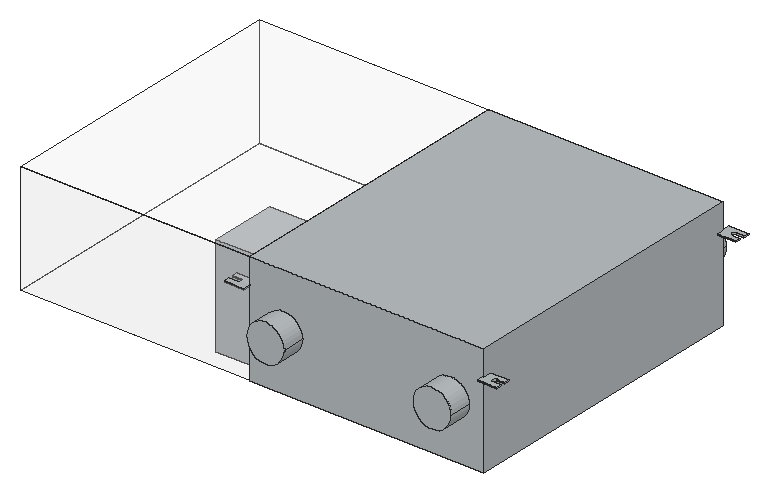
Revit family "lgh-n15_100rxw_rxv(d)_60Hz", category 機械設備, Revit 2019
Family settings
  丸型コネクタ寸法 = 直径を使用
  パーツ タイプ = 標準
  OmniClass 番号 = 23.75.10.34.21
  OmniClass タイトル = Heat Exchangers for Ventilation Air
  作業面ベース = いいえ
  常に垂直 = はい
  ロード時にボイドで切り取り = いいえ
  共有 = いいえ
  部屋計算ポイント = はい
Parameters (values of type "LGH-N15RXW_100V")
  騒音レベル(dB(A)) = 31
  風量 = SMAX風量  # 150.0 m³/h
  面風速 = 5.31 m/s
  電源種別 [instance] = "一般"
  電圧 = 100 V
  電動機出力 = 0 W
  集中コントローラ = ""
  運転質量 = 0.00 kg
  連動 [instance] = ""
  質量 = if(製品質量 > 運転質量, 製品質量, 運転質量) * 1.2  # 26.40 kg
  負荷分類 = 10_ファンコイル類
  説明 = "業務用ロスナイ 天井埋込形 DCマイコン"
  設計風量 = SMAX風量  # 150.0 m³/h
  設置方法 = "天井吊(隠ぺい)形"
  記号 [instance] = ""
  製造元 = "MITSIBISHI ELECTRIC"
  製品質量 = 22.00 kg
  製品出荷対象 = "国内"
  製品リリース年月 = "2020/7/20"
  製品グループ = ""
  系統 [instance] = ""
  符号 = "HEU"
  積算_科目 = "1 空気調和設備"
  積算_拾い区分 [instance] = ""
  相 = 1
  盤記号 [instance] = ""
  発停方法 [instance] = "別売スイッチ"
  特殊仕様 [instance] = ""
  点検口高さ = -Height  # -290 mm
  点検口離隔 = 150 mm
  点検口_Depth = 450 mm
  点検口 = yes
  火災停止 [instance] = "〇"
  温度交換効率 = 74.00%
  消費電力 = 85 W
  法定耐用年数 = "15"
  機外静圧_排気 = SMAX静圧  # 210.0 Pa
  機外静圧 = SMAX静圧  # 210.0 Pa
  極数 = 1
  材質 [instance] = ""
  本体マテリアル = 亜鉛めっき鋼板
  操作・制御方式 = ""
  操作・制御スイッチ = ""
  排気量 = SMAX風量  # 150.0 m³/h
  形式 = "天井埋込ダクト形"
  幹線記号 [instance] = ""
  対象室 [instance] = ""
  実風量 = SMAX風量  # 150.0 m³/h
  始動方式 [instance] = "直入"
  天吊金具_径 = 6.5 mm
  天吊金具_幅 = 20 mm
  外気量 = SMAX風量  # 150.0 m³/h
  呼称 = "全熱交換ユニット"
  周波数 = 60 Hz
  天吊金具ピッチ2 = 780 mm
  天吊金具ピッチ1 = 670 mm
  天吊金具_高さ = 65 mm
  参照している仕様書等のバージョン = "公共建築物標準仕様書（機械設備工事編）平成31年度版"
  初期抵抗 = 0.0 Pa
  分類コード = "50052504100070"
  分類グループ = ""
  価格 = 209000
  企業コード = "108420"
  付属品_フィルター_還気 = ""
  付属品_フィルター = ""
  付属品 [instance] = ""
  仕様書バージョン = "Version1.0"
  モデル = "LGH-N15RXW"
  メンテナンススペース = yes
  コメント [instance] = ""
  Keynote = ""
  エンタルピ交換効率_暖房 = 75.50%
  エンタルピ交換効率_冷房 = 64.50%
  Assembly Code = ""
  Width = 610 mm
  Version = ""
  Uniclass2015Version = "Systems v1.9"
  Uniclass2015Title = "Thermal wheels"
  Uniclass2015Code = "Pr_60_60_36_88"
  URL = "https://www.mitsubishielectric.co.jp/ldg/wink/ssl/displayProduct.do?pid=306592&ccd=2020171025"
  SpecificationReference = ""
  SpecificationDescription = ""
  SMAX風量 = 150.0 m³/h
  SMAX静圧 = 210.0 Pa
  SAサイズ_D = 97.5 mm
  Revision = ""
  RAサイズ_D = 97.5 mm
  ProductInformation = ""
  OmniClassCode = "23-27 23 19 11"
  OAダクト接続口方向_標準 = yes
  OAダクト接続口方向_変更 = not(OAダクト接続口方向_標準)  # no
  OAサイズ_W = 0 mm
  OAサイズ_D = 97.5 mm
  MIN風量 = 66.0 m³/h
  MIN静圧 = 35.0 Pa
  MID風量 = 108.0 m³/h
  MID静圧 = 93.0 Pa
  MAX風量 = 150.0 m³/h
  MAX静圧 = 180.0 Pa
  IfcTypeProduct = ""
  IfcProduct = ""
  IfcExportType = "ROTARYWHEEL"
  IfcExportAs = "IfcAirToAirHeatRecoveryType"
  Height = 290 mm
  EAダクト接続口方向_変更 = not(EAダクト接続口方向_標準)  # no
  EAダクト接続口方向_標準 = yes
  EAサイズ_W = 0 mm
  EAサイズ_D = 97.5 mm
  Duct_Pitch = 435 mm
  Duct_Height = 145 mm
  Duct_Depth = 59 mm
  DuctChange_Center = 118 mm
  Depth = 780 mm
  Clearance Top = Height  # 290 mm
  Clearance Left = 600 mm
  Box_Width = 175 mm
  Box_Height = 261 mm
  Box_H = 15 mm
  Box_Depth = 115 mm
  Box_W = 33 mm
  Author = "MITSUBISHI ELECTRIC"
Types (14, lengths in mm): name | 騒音レベル(dB(A)) | 風量 | 面風速 | 電圧 | 質量 | 設計風量 | 製品質量 | 点検口高さ | 温度交換効率 | 消費電力 | 機外静圧_排気 | 機外静圧 | 排気量 | 実風量 | 外気量 | 天吊金具ピッチ2 | 天吊金具ピッチ1 | 天吊金具_高さ | 価格 | モデル | エンタルピ交換効率_暖房 | エンタルピ交換効率_冷房 | Width | URL | SMAX風量 | SMAX静圧 | SAサイズ_D | RAサイズ_D | OAサイズ_D | MIN風量 | MIN静圧 | MID風量 | MID静圧 | MAX風量 | MAX静圧 | Height | EAサイズ_D | Duct_Pitch | Duct_Height | Duct_Depth | DuctChange_Center | Depth | Clearance Top | Box_H | Box_W
  LGH-N15RXW_100V | 31 | 150.0 m³/h | 5.31 m/s | 100 V | 26.40 kg | 150.0 m³/h | 22.00 kg | -290 | 74.00% | 85 W | 210.0 Pa | 210.0 Pa | 150.0 m³/h | 150.0 m³/h | 150.0 m³/h | 780 | 670 | 65 | 209000 | "LGH-N15RXW" | 75.50% | 64.50% | 610 | "https://www.mitsubishielectric.co.jp/ldg/wink/ssl/displayProduct.do?pid=306592&ccd=2020171025" | 150.0 m³/h | 210.0 Pa | 97.5 | 97.5 | 97.5 | 66.0 m³/h | 35.0 Pa | 108.0 m³/h | 93.0 Pa | 150.0 m³/h | 180.0 Pa | 290 | 97.5 | 435 | 145 | 59 | 118 | 780 | 290 | 15 | 33
  LGH-N15RXW_200V | 31 | 150.0 m³/h | 5.31 m/s | 200 V | 26.40 kg | 150.0 m³/h | 22.00 kg | -290 | 74.00% | 85 W | 210.0 Pa | 210.0 Pa | 150.0 m³/h | 150.0 m³/h | 150.0 m³/h | 780 | 670 | 65 | 209000 | "LGH-N15RXW" | 75.50% | 64.50% | 610 | "https://www.mitsubishielectric.co.jp/ldg/wink/ssl/displayProduct.do?pid=306592&ccd=2020171025" | 150.0 m³/h | 210.0 Pa | 97.5 | 97.5 | 97.5 | 66.0 m³/h | 35.0 Pa | 108.0 m³/h | 93.0 Pa | 150.0 m³/h | 180.0 Pa | 290 | 97.5 | 435 | 145 | 59 | 118 | 780 | 290 | 15 | 33
  LGH-N25RXW_100V | 30 | 250.0 m³/h | 3.93 m/s | 100 V | 27.60 kg | 250.0 m³/h | 23.00 kg | -290 | 70.00% | 110 W | 170.0 Pa | 170.0 Pa | 250.0 m³/h | 250.0 m³/h | 250.0 m³/h | 780 | 795 | 65 | 229000 | "LGH-N25RXW" | 73.00% | 63.00% | 735 | "https://www.mitsubishielectric.co.jp/ldg/wink/ssl/displayProduct.do?pid=306594&ccd=2020171025" | 250.0 m³/h | 170.0 Pa | 142 | 142 | 142 | 110.0 m³/h | 28.0 Pa | 180.0 m³/h | 75.0 Pa | 250.0 m³/h | 145.0 Pa | 290 | 142 | 520 | 145 | 69 | 118 | 780 | 290 | 15 | 33
  LGH-N25RXW_200V | 30 | 250.0 m³/h | 3.93 m/s | 200 V | 27.60 kg | 250.0 m³/h | 23.00 kg | -290 | 70.00% | 110 W | 170.0 Pa | 170.0 Pa | 250.0 m³/h | 250.0 m³/h | 250.0 m³/h | 780 | 795 | 65 | 229000 | "LGH-N25RXW" | 73.00% | 63.00% | 735 | "https://www.mitsubishielectric.co.jp/ldg/wink/ssl/displayProduct.do?pid=306594&ccd=2020171025" | 250.0 m³/h | 170.0 Pa | 142 | 142 | 142 | 110.0 m³/h | 28.0 Pa | 180.0 m³/h | 75.0 Pa | 250.0 m³/h | 145.0 Pa | 290 | 142 | 520 | 145 | 69 | 118 | 780 | 290 | 15 | 33
  LGH-N35RXW_100V | 33 | 350.0 m³/h | 5.5 m/s | 100 V | 38.40 kg | 350.0 m³/h | 32.00 kg | -330 | 71.50% | 210 W | 300.0 Pa | 300.0 Pa | 350.0 m³/h | 350.0 m³/h | 350.0 m³/h | 890 | 935 | 70 | 252000 | "LGH-N35RXW" | 74.50% | 65.50% | 875 | "https://www.mitsubishielectric.co.jp/ldg/wink/ssl/displayProduct.do?pid=306595&ccd=2020171025" | 350.0 m³/h | 300.0 Pa | 142 | 142 | 142 | 154.0 m³/h | 36.0 Pa | 252.0 m³/h | 96.0 Pa | 350.0 m³/h | 185.0 Pa | 330 | 142 | 600 | 165 | 69 | 140 | 890 | 330 | 23 | 68
  LGH-N35RXW_200V | 33 | 350.0 m³/h | 5.5 m/s | 200 V | 38.40 kg | 350.0 m³/h | 32.00 kg | -330 | 71.50% | 210 W | 300.0 Pa | 300.0 Pa | 350.0 m³/h | 350.0 m³/h | 350.0 m³/h | 890 | 935 | 70 | 252000 | "LGH-N35RXW" | 74.50% | 65.50% | 875 | "https://www.mitsubishielectric.co.jp/ldg/wink/ssl/displayProduct.do?pid=306595&ccd=2020171025" | 350.0 m³/h | 300.0 Pa | 142 | 142 | 142 | 154.0 m³/h | 36.0 Pa | 252.0 m³/h | 96.0 Pa | 350.0 m³/h | 185.0 Pa | 330 | 142 | 600 | 165 | 69 | 140 | 890 | 330 | 23 | 68
  LGH-N50RXW_100V | 37 | 500.0 m³/h | 4.42 m/s | 100 V | 43.20 kg | 500.0 m³/h | 36.00 kg | -330 | 71.00% | 315 W | 310.0 Pa | 310.0 Pa | 500.0 m³/h | 500.0 m³/h | 500.0 m³/h | 890 | 1080 | 70 | 310000 | "LGH-N50RXW" | 73.00% | 63.00% | 1020 | "https://www.mitsubishielectric.co.jp/ldg/wink/ssl/displayProduct.do?pid=306596&ccd=2020171025" | 500.0 m³/h | 310.0 Pa | 192 | 192 | 192 | 220.0 m³/h | 37.0 Pa | 360.0 m³/h | 98.0 Pa | 500.0 m³/h | 190.0 Pa | 330 | 192 | 700 | 165 | 84 | 130 | 890 | 330 | 23 | 68
  LGH-N50RXW_200V | 37 | 500.0 m³/h | 4.42 m/s | 200 V | 43.20 kg | 500.0 m³/h | 36.00 kg | -330 | 71.00% | 315 W | 310.0 Pa | 310.0 Pa | 500.0 m³/h | 500.0 m³/h | 500.0 m³/h | 890 | 1080 | 70 | 310000 | "LGH-N50RXW" | 73.00% | 63.00% | 1020 | "https://www.mitsubishielectric.co.jp/ldg/wink/ssl/displayProduct.do?pid=306596&ccd=2020171025" | 500.0 m³/h | 310.0 Pa | 192 | 192 | 192 | 220.0 m³/h | 37.0 Pa | 360.0 m³/h | 98.0 Pa | 500.0 m³/h | 190.0 Pa | 330 | 192 | 700 | 165 | 84 | 130 | 890 | 330 | 23 | 68
  LGH-N65RXW_100V | 40 | 650.0 m³/h | 5.75 m/s | 100 V | 50.40 kg | 650.0 m³/h | 42.00 kg | -404 | 71.50% | 445 W | 320.0 Pa | 320.0 Pa | 650.0 m³/h | 650.0 m³/h | 650.0 m³/h | 984 | 952 | 76 | 415000 | "LGH-N65RXW" | 72.00% | 63.00% | 892 | "https://www.mitsubishielectric.co.jp/ldg/wink/ssl/displayProduct.do?pid=306597&ccd=2020171025" | 650.0 m³/h | 320.0 Pa | 192 | 192 | 192 | 286.0 m³/h | 45.0 Pa | 468.0 m³/h | 119.0 Pa | 650.0 m³/h | 230.0 Pa | 404 | 192 | 620 | 202 | 84 | 122 | 984 | 404 | 57 | 71
  LGH-N65RXW_200V | 40 | 650.0 m³/h | 5.75 m/s | 200 V | 50.40 kg | 650.0 m³/h | 42.00 kg | -404 | 71.50% | 445 W | 320.0 Pa | 320.0 Pa | 650.0 m³/h | 650.0 m³/h | 650.0 m³/h | 984 | 952 | 76 | 415000 | "LGH-N65RXW" | 72.00% | 63.00% | 892 | "https://www.mitsubishielectric.co.jp/ldg/wink/ssl/displayProduct.do?pid=306597&ccd=2020171025" | 650.0 m³/h | 320.0 Pa | 192 | 192 | 192 | 286.0 m³/h | 45.0 Pa | 468.0 m³/h | 119.0 Pa | 650.0 m³/h | 230.0 Pa | 404 | 192 | 620 | 202 | 84 | 122 | 984 | 404 | 57 | 71
  LGH-N80RXV | 40 | 800.0 m³/h | 4.53 m/s | 100 V | 62.40 kg | 800.0 m³/h | 52.00 kg | -404 | 73.00% | 540 W | 310.0 Pa | 310.0 Pa | 800.0 m³/h | 800.0 m³/h | 800.0 m³/h | 1144 | 1064 | 76 | 495000 | "LGH-N80RXV" | 75.00% | 65.00% | 1004 | "https://www.mitsubishielectric.co.jp/ldg/wink/ssl/displayProduct.do?pid=306598&ccd=2020171025" | 800.0 m³/h | 310.0 Pa | 242 | 242 | 242 | 352.0 m³/h | 37.0 Pa | 576.0 m³/h | 98.0 Pa | 800.0 m³/h | 190.0 Pa | 404 | 242 | 690 | 202 | 84 | 165 | 1144 | 404 | 88 | 146
  LGH-N80RXVD | 40 | 800.0 m³/h | 4.53 m/s | 200 V | 62.40 kg | 800.0 m³/h | 52.00 kg | -404 | 73.00% | 540 W | 310.0 Pa | 310.0 Pa | 800.0 m³/h | 800.0 m³/h | 800.0 m³/h | 1144 | 1064 | 76 | 495000 | "LGH-N80RXVD" | 75.00% | 65.00% | 1004 | "https://www.mitsubishielectric.co.jp/ldg/wink/ssl/displayProduct.do?pid=306599&ccd=2020171025" | 800.0 m³/h | 310.0 Pa | 242 | 242 | 242 | 352.0 m³/h | 37.0 Pa | 576.0 m³/h | 98.0 Pa | 800.0 m³/h | 190.0 Pa | 404 | 242 | 690 | 202 | 84 | 165 | 1144 | 404 | 88 | 146
  LGH-N100RXV | 38 | 1000.0 m³/h | 5.66 m/s | 100 V | 68.40 kg | 1000.0 m³/h | 57.00 kg | -404 | 73.00% | 580 W | 225.0 Pa | 225.0 Pa | 1000.0 m³/h | 1000.0 m³/h | 1000.0 m³/h | 1144 | 1291 | 76 | 564000 | "LGH-N100RXV" | 75.00% | 65.00% | 1231 | "https://www.mitsubishielectric.co.jp/ldg/wink/ssl/displayProduct.do?pid=306589&ccd=2020171025" | 1000.0 m³/h | 225.0 Pa | 242 | 242 | 242 | 440.0 m³/h | 32.0 Pa | 720.0 m³/h | 86.0 Pa | 1000.0 m³/h | 165.0 Pa | 404 | 242 | 917 | 202 | 84 | 165 | 1144 | 404 | 88 | 146
  LGH-N100RXVD | 38 | 1000.0 m³/h | 5.66 m/s | 200 V | 68.40 kg | 1000.0 m³/h | 57.00 kg | -404 | 73.00% | 580 W | 225.0 Pa | 225.0 Pa | 1000.0 m³/h | 1000.0 m³/h | 1000.0 m³/h | 1144 | 1291 | 76 | 564000 | "LGH-N100RXVD" | 75.00% | 65.00% | 1231 | "https://www.mitsubishielectric.co.jp/ldg/wink/ssl/displayProduct.do?pid=306590&ccd=2020171025" | 1000.0 m³/h | 225.0 Pa | 242 | 242 | 242 | 440.0 m³/h | 32.0 Pa | 720.0 m³/h | 86.0 Pa | 1000.0 m³/h | 165.0 Pa | 404 | 242 | 917 | 202 | 84 | 165 | 1144 | 404 | 88 | 146
Reference planes
  plane 1 "中心(正面/背面)": y = 0
  plane 2: z = 0
  plane 3 "中心(左/右)": x = 0
  plane 4: x = -305
  plane 5: x = 305
  plane 6: y = 390
  plane 7: y = -390
  plane 8: z = -290
  plane 9: z = -145
  plane 10: x = -217.5
  plane 11: x = 217.5
  plane 12: y = -449
  plane 13: y = 449
  plane 14: y = 272
  plane 15: x = -364
  plane 16: x = 364
  plane 17: x = -905
  plane 18: y = -357
  plane 19: y = -182
  plane 20: z = -15
  plane 21: z = -276
  plane 22: x = -420
  plane 23: x = -455
  plane 24: y = 225
  plane 25: x = -335
  plane 26: x = 335
  plane 27: y = 390
  plane 28: y = -390
  plane 29: y = -225
  plane 30: x = -355
  plane 31: y = 410
  plane 32: y = 370
  plane 33: y = -370
  plane 34: y = -410
  plane 35: z = -5
  plane 36: z = -65
  plane 37: z = -68
  plane 38: x = 355
Forms (mm)
  Extrusion 1, solid, material "亜鉛めっき鋼板" <- "本体マテリアル", detail levels fine
    sketch origin (0, 0, 0) x (1, 0, 0) y (0, 1, 0)
      loop
        line (-305, 390) -> (-305, -390) -> (305, -390) -> (305, 390) -> (-305, 390)
    from 0 to -290
  Extrusion 2, solid, material "亜鉛めっき鋼板" <- "本体マテリアル", detail levels fine
    sketch origin (510, -445, 0) x (-1, 0, 0) y (0, 0, -1)
      loop
        circle (292.5, 145) r 48.75
    from -55 to 4
  Extrusion 3, solid, material "亜鉛めっき鋼板" <- "本体マテリアル", detail levels fine
    sketch origin (-305, -390, 0) x (0, 1, 0) y (0, 0, -1)
      loop
        line (208, 15) -> (208, 276) -> (33, 276) -> (33, 15) -> (208, 15)
    from 0 to 115
  Extrusion 4, solid, material "亜鉛めっき鋼板" <- "本体マテリアル", detail levels fine
    sketch origin (0, 0, 0) x (1, 0, 0) y (0, 1, 0)
      loop
        line (-355, 410) -> (-355, 396.5) -> (-335, 396.5)
        arc (-335, 396.5) -> (-328.5, 390) -> (-335, 383.5) r 6.5
        line (-335, 383.5) -> (-355, 383.5) -> (-355, 370) -> (-305, 370) -> (-305, 410) -> (-355, 410)
    from -65 to -68
  Extrusion 5, solid, material "亜鉛めっき鋼板" <- "本体マテリアル", detail levels fine
    sketch origin (0, 0, 0) x (1, 0, 0) y (0, 1, 0)
      loop
        line (-355, -410) -> (-305, -410) -> (-305, -370) -> (-355, -370) -> (-355, -383.5) -> (-335, -383.5)
        arc (-335, -383.5) -> (-328.5, -390) -> (-335, -396.5) r 6.5
        line (-335, -396.5) -> (-355, -396.5) -> (-355, -410)
    from -65 to -68
  Extrusion 6, solid, material "亜鉛めっき鋼板" <- "本体マテリアル", detail levels fine
    sketch origin (0, 0, 0) x (-1, 0, 0) y (0, -1, 0)
      loop
        line (-355, 410) -> (-355, 396.5) -> (-335, 396.5)
        arc (-335, 396.5) -> (-328.5, 390) -> (-335, 383.5) r 6.5
        line (-335, 383.5) -> (-355, 383.5) -> (-355, 370) -> (-305, 370) -> (-305, 410) -> (-355, 410)
    from -65 to -68
  Extrusion 7, solid, material "亜鉛めっき鋼板" <- "本体マテリアル", detail levels fine
    sketch origin (0, 0, 0) x (-1, 0, 0) y (0, -1, 0)
      loop
        line (-355, -410) -> (-305, -410) -> (-305, -370) -> (-355, -370) -> (-355, -383.5) -> (-335, -383.5)
        arc (-335, -383.5) -> (-328.5, -390) -> (-335, -396.5) r 6.5
        line (-335, -396.5) -> (-355, -396.5) -> (-355, -410)
    from -65 to -68
  Extrusion 8, solid, material "亜鉛めっき鋼板" <- "本体マテリアル", visible <- "EAダクト接続口方向_標準", detail levels fine
    sketch origin (510, 445, 0) x (-1, 0, 0) y (0, 0, 1)
      loop
        circle (292.5, -145) r 48.75
    from -55 to 4
  Extrusion 9, solid, material "亜鉛めっき鋼板" <- "本体マテリアル", visible <- "OAダクト接続口方向_標準", detail levels fine
    sketch origin (-510, 445, 0) x (1, 0, 0) y (0, 0, -1)
      loop
        circle (292.5, 145) r 48.75
    from -55 to 4
  Extrusion 10, solid, material "亜鉛めっき鋼板" <- "本体マテリアル", detail levels fine
    sketch origin (-510, -445, 0) x (1, 0, 0) y (0, 0, 1)
      loop
        circle (292.5, -145) r 48.75
    from -55 to 4
  Extrusion 11, solid, material "亜鉛めっき鋼板" <- "本体マテリアル", visible <- "EAダクト接続口方向_変更", detail levels fine
    sketch origin (0, 0, 0) x (0, 1, 0) y (0, 0, 1)
      loop
        circle (272, -145) r 48.75
    from 305 to 364
  Extrusion 12, solid, material "亜鉛めっき鋼板" <- "本体マテリアル", visible <- "OAダクト接続口方向_変更", detail levels fine
    sketch origin (0, 0, 0) x (0, 1, 0) y (0, 0, -1)
      loop
        circle (272, 145) r 48.75
    from 305 to 364
Lines and regions (mm)
  Masking region 1, detail levels coarse+medium
    outline origin (1326.5, 29, 0) x (1, 0, 0) y (0, 1, 0)
      loop
        line (-1631.5, 361) -> (-1631.5, -419) -> (-1021.5, -419) -> (-1021.5, 361) -> (-1631.5, 361)
  symbolic lines, detail levels coarse+medium
    curve 1: line (0, 390, 0) -> (-305, 0, 0)
    curve 2: line (-305, 0, 0) -> (0, -390, 0)
    curve 3: line (0, -390, 0) -> (305, 0, 0)
    curve 4: line (305, 0, 0) -> (0, 390, 0)
Dimensions and locks
  equal spacing: plane 4, plane 3 "中心(左/右)", plane 5
  "Width": plane 4 to plane 5
  equal spacing: plane 6, plane 1 "中心(正面/背面)", plane 7
  "Depth": plane 6 to plane 7
  "Height": level to plane 8
  "Duct_Height": level to plane 9
  equal spacing: plane 11, plane 3 "中心(左/右)", plane 10
  "Duct_Pitch": plane 11 to plane 10
  "Duct_Depth": plane 13 to plane 6
  "Duct_Depth": plane 7 to plane 12
  "DuctChange_Center": plane 6 to plane 14
  "Duct_Depth": plane 5 to plane 16
  "Duct_Depth": plane 15 to plane 4
  "Clearance Left": plane 17 to plane 4
  "Clearance Top": nested 1 to plane 8
  "Box_H": level to plane 20
  "Box_Height": plane 20 to plane 21
  "Box_W": plane 18 to plane 7
  "Box_Width": plane 19 to plane 18
  "Box_Depth": plane 22 to plane 4
  "点検口離隔": plane 23 to plane 4
  equal spacing: plane 25, plane 3 "中心(左/右)", plane 26
  "天吊金具ピッチ1": plane 25 to plane 26
  equal spacing: plane 27, plane 1 "中心(正面/背面)", plane 28
  "天吊金具ピッチ2": plane 27 to plane 28
  equal spacing: plane 24, plane 1 "中心(正面/背面)", plane 29
  "点検口_Depth": plane 24 to plane 29
  equal spacing: plane 31, plane 27, plane 32
  locked: plane 31 to plane 32 at 40
  "天吊金具_幅": plane 30 to plane 25
  "天吊金具_高さ": level to plane 36
  locked: plane 36 to plane 37 at 3
  equal spacing: plane 33, plane 28, plane 34
  locked: plane 33 to plane 34 at 40
  "天吊金具_幅": plane 26 to plane 38
  "RAサイズ_D": diameter of Extrusion 2 sketch curve
  "天吊金具_径": radius of Extrusion 4 sketch curve
  "天吊金具_径": radius of Extrusion 5 sketch curve
  "天吊金具_径": radius of Extrusion 6 sketch curve
  "天吊金具_径": radius of Extrusion 7 sketch curve
  "EAサイズ_D": diameter of Extrusion 8 sketch curve
  "OAサイズ_D": diameter of Extrusion 9 sketch curve
  "SAサイズ_D": diameter of Extrusion 10 sketch curve
  "EAサイズ_D": diameter of Extrusion 11 sketch curve
  "EAサイズ_D": diameter of Extrusion 12 sketch curve
  aligned and locked: level to plane 2
  aligned and locked: Extrusion 1 to plane 8
  aligned and locked: plane 7 to Extrusion 2
  aligned and locked: Extrusion 2 to plane 12
  aligned and locked: plane 17 to nested 1
  aligned and locked: plane 4 to nested 1
  aligned and locked: nested 1 to plane 6
  aligned and locked: nested 1 to plane 7
  aligned and locked: plane 2 to nested 1
  aligned and locked: plane 8 to nested 1
  aligned and locked: Extrusion 3 to plane 22
  aligned and locked: plane 4 to Extrusion 3
  aligned and locked: Masking region 1 to plane 4
  aligned and locked: plane 5 to Masking region 1
  aligned and locked: plane 6 to Masking region 1
  aligned and locked: Masking region 1 to plane 7
  aligned and locked: plane 26 to nested 2
  aligned and locked: plane 25 to nested 2
  aligned and locked: nested 2 to plane 28
  aligned and locked: plane 27 to nested 2
  aligned and locked: Extrusion 3 to plane 19
  aligned and locked: Extrusion 3 to plane 21
  aligned and locked: plane 20 to Extrusion 3
  aligned and locked: plane 18 to Extrusion 3
  aligned and locked: plane 23 to nested 3
  aligned and locked: plane 17 to nested 3
  aligned and locked: plane 24 to nested 3
  aligned and locked: nested 3 to plane 29
  aligned and locked: plane 4 to Extrusion 4
  aligned and locked: Extrusion 4 to plane 30  (x2)
  aligned and locked: plane 31 to Extrusion 4
  aligned and locked: Extrusion 4 to plane 36
  aligned and locked: Extrusion 4 to plane 37
  aligned and locked: plane 4 to Extrusion 5
  aligned and locked: plane 33 to Extrusion 5
  aligned and locked: Extrusion 5 to plane 34
  aligned and locked: Extrusion 5 to plane 30  (x2)
  aligned and locked: Extrusion 5 to Extrusion 4  (x2)
  aligned and locked: Extrusion 7 to plane 38  (x2)
  aligned and locked: Extrusion 7 to plane 32
  aligned and locked: plane 31 to Extrusion 7
  aligned and locked: Extrusion 6 to plane 38
  aligned and locked: Extrusion 6 to plane 34
  aligned and locked: Extrusion 6 to plane 5
  aligned and locked: plane 33 to Extrusion 6
  aligned and locked: Extrusion 6 to plane 37
  aligned and locked: plane 36 to Extrusion 6
  aligned and locked: Extrusion 7 to plane 37
  aligned and locked: plane 36 to Extrusion 7
  aligned and locked: plane 13 to Extrusion 8
  aligned and locked: Extrusion 8 to plane 6
  aligned and locked: plane 13 to Extrusion 9
  aligned and locked: Extrusion 9 to plane 6
  aligned and locked: Extrusion 10 to plane 12
  aligned and locked: plane 7 to Extrusion 10
  aligned and locked: plane 16 to Extrusion 11
  aligned and locked: Extrusion 11 to plane 5
  aligned and locked: plane 4 to Extrusion 12
  aligned and locked: Extrusion 12 to plane 15
Automatic sketch dimensions
  plane 1 "中心(正面/背面)" to curve 1 = 0 mm
  curve 1 to plane 4 = 0 mm
  curve 2 to plane 3 "中心(左/右)" = 0 mm
  curve 4 to plane 3 "中心(左/右)" = 0 mm
  plane 1 "中心(正面/背面)" to curve 4 = 0 mm
  curve 4 to plane 5 = 0 mm
  curve 2 to plane 7 = 0 mm
  curve 4 to plane 6 = 0 mm
  Extrusion 1 sketch curve to plane 4 = 0 mm
  Extrusion 1 sketch curve to plane 5 = 0 mm
  Extrusion 1 sketch curve to plane 7 = 0 mm
  Extrusion 1 sketch curve to plane 6 = 0 mm
  Extrusion 2 sketch curve to plane 9 = 0 mm
  Extrusion 2 sketch curve to plane 11 = 0 mm
  Extrusion 3 sketch curve to Extrusion 1 = 33 mm
  Extrusion 1 to Extrusion 3 sketch curve = 14 mm
  Extrusion 3 sketch curve to Extrusion 3 sketch curve = 175 mm
  Extrusion 1 to Extrusion 3 sketch curve = 15 mm
  Masking region 1 sketch curve to plane 4 = 0 mm
  Masking region 1 sketch curve to plane 5 = 0 mm
  Masking region 1 sketch curve to plane 7 = 0 mm
  Masking region 1 sketch curve to plane 6 = 0 mm
  Extrusion 8 sketch curve to plane 9 = 0 mm
  Extrusion 8 sketch curve to plane 11 = 0 mm
  Extrusion 9 sketch curve to plane 9 = 0 mm
  Extrusion 9 sketch curve to plane 10 = 0 mm
  Extrusion 10 sketch curve to plane 9 = 0 mm
  Extrusion 10 sketch curve to plane 10 = 0 mm
  Extrusion 11 sketch curve to plane 9 = 0 mm
  Extrusion 11 sketch curve to plane 14 = 0 mm
  Extrusion 12 sketch curve to plane 9 = 0 mm
  Extrusion 12 sketch curve to plane 14 = 0 mm
  Extrusion 4 sketch curve to plane 30 = 0 mm  (x2)
  Extrusion 4 sketch curve to plane 25 = 0 mm
  Extrusion 4 sketch curve to plane 4 = 0 mm
  Extrusion 4 sketch curve to plane 32 = 0 mm
  Extrusion 4 sketch curve to plane 6 = 0 mm
  Extrusion 4 sketch curve to plane 31 = 0 mm
  Extrusion 5 sketch curve to plane 30 = 0 mm  (x2)
  Extrusion 5 sketch curve to plane 25 = 0 mm
  Extrusion 5 sketch curve to plane 4 = 0 mm
  Extrusion 5 sketch curve to plane 33 = 0 mm
  Extrusion 5 sketch curve to plane 7 = 0 mm
  Extrusion 5 sketch curve to plane 34 = 0 mm
  Extrusion 6 sketch curve to plane 34 = 0 mm
  Extrusion 6 sketch curve to plane 38 = 0 mm  (x2)
  Extrusion 6 sketch curve to plane 26 = 0 mm
  Extrusion 6 sketch curve to plane 5 = 0 mm
  Extrusion 6 sketch curve to plane 33 = 0 mm
  Extrusion 6 sketch curve to plane 7 = 0 mm
  Extrusion 7 sketch curve to plane 31 = 0 mm
  Extrusion 7 sketch curve to plane 38 = 0 mm  (x2)
  Extrusion 7 sketch curve to plane 26 = 0 mm
  Extrusion 7 sketch curve to plane 5 = 0 mm
  Extrusion 7 sketch curve to plane 32 = 0 mm
  Extrusion 7 sketch curve to plane 6 = 0 mm
Nested families
  nested 1: "メンテナンススペース" at (-605, 0, -145), visible <- "メンテナンススペース", type "メンテナンススペース"
    with Width 600 mm, Height 290 mm, Depth 780 mm
  nested 2: "固定点" at (-335, -390, 0), type "固定点"
    with W 670 mm, D 780 mm
  nested 3: "点検口設置範囲" at (-680, 0, -290), built-in parameter 1001364 <- "点検口高さ", visible <- "点検口", type "点検口設置範囲"
    with Width 450 mm, Depth 450 mm
Connectors
  hvac at (217.5, -449, -145), driven by "RAサイズ_D", driven by "機外静圧", driven by "風量"
    settings: on Extrusion 2, index 2, duct flow 150.0 m³/h, flow factor 0, pres drop 210.0 Pa, loss coef 0, conn angle 0.00°, conn width 304.8 mm, conn height 304.8 mm, conn diameter 97.5 mm, duct sys type 2, conn prof type 0, flow config 0, flow direction 1, loss method 4, conn ref index -1, conn util no, is conn primary yes, conn desc ""
  electrical at (-362.5, -357, -145.5), driven by "負荷分類", driven by "相", driven by "電圧", driven by "消費電力"
    settings: on Extrusion 3, index 7, voltage 100 V, apparent load 85 VA, apparent load phase1 0 VA, apparent load phase2 0 VA, apparent load phase3 0 VA, power factor 1, load classification "10_ファンコイル類", number of poles 1, system type 30, power factor state 1, is connector primary yes, connector utility no, sub classification motor no, connector description ""
  hvac at (217.5, 449, -145), driven by "EAサイズ_D", driven by "排気量", driven by "機外静圧_排気"
    settings: on Extrusion 8, index 8, duct flow 150.0 m³/h, flow factor 0, pres drop 210.0 Pa, loss coef 0, conn angle 0.00°, conn width 304.8 mm, conn height 304.8 mm, conn diameter 97.5 mm, duct sys type 3, conn prof type 0, flow config 0, flow direction 2, loss method 4, conn ref index -1, conn util no, is conn primary no, conn desc ""
  hvac at (-217.5, 449, -145), driven by "OAサイズ_D", driven by "外気量", driven by "機外静圧"
    settings: on Extrusion 9, index 9, duct flow 150.0 m³/h, flow factor 0, pres drop 210.0 Pa, loss coef 0, conn angle 0.00°, conn width 304.8 mm, conn height 304.8 mm, conn diameter 97.5 mm, duct sys type 4, conn prof type 0, flow config 0, flow direction 1, loss method 4, conn ref index -1, conn util no, is conn primary no, conn desc ""
  hvac at (-217.5, -449, -145), driven by "SAサイズ_D", driven by "風量", driven by "機外静圧"
    settings: on Extrusion 10, index 10, duct flow 150.0 m³/h, flow factor 0, pres drop 210.0 Pa, loss coef 0, conn angle 0.00°, conn width 304.8 mm, conn height 304.8 mm, conn diameter 97.5 mm, duct sys type 1, conn prof type 0, flow config 0, flow direction 2, loss method 4, conn ref index -1, conn util no, is conn primary no, conn desc ""
  hvac at (364, 272, -145), driven by "EAサイズ_D", driven by "機外静圧_排気", driven by "排気量"
    settings: on Extrusion 11, index 11, duct flow 150.0 m³/h, flow factor 0, pres drop 210.0 Pa, loss coef 0, conn angle 0.00°, conn width 304.8 mm, conn height 304.8 mm, conn diameter 97.5 mm, duct sys type 3, conn prof type 0, flow config 0, flow direction 2, loss method 4, conn ref index -1, conn util no, is conn primary no, conn desc ""
  hvac at (-364, 272, -145), driven by "EAサイズ_D", driven by "機外静圧", driven by "外気量"
    settings: on Extrusion 12, index 12, duct flow 150.0 m³/h, flow factor 0, pres drop 210.0 Pa, loss coef 0, conn angle 0.00°, conn width 304.8 mm, conn height 304.8 mm, conn diameter 97.5 mm, duct sys type 4, conn prof type 0, flow config 0, flow direction 1, loss method 4, conn ref index -1, conn util no, is conn primary no, conn desc ""
Definition of nested family "メンテナンススペース"
  Parameters (values of type "メンテナンススペース")
    Width [instance] = 500 mm
    Height [instance] = 500 mm
    Depth [instance] = 500 mm
  Reference planes
    plane 1 "中心(正面/背面)": y = 0
    plane 2: z = 0
    plane 3 "中心(左/右)": x = 0
    plane 4: y = -250
    plane 5: x = 250
    plane 6: y = 250
    plane 7: x = -250
    plane 8: z = 250
    plane 9: z = -250
  Forms (mm)
    Extrusion 1, solid
      sketch origin (-638.939, 0, 72.39) x (1, 0, 0) y (0, 1, 0)
        loop
          line (388.939, 250) -> (388.939, -250) -> (888.939, -250) -> (888.939, 250) -> (388.939, 250)
      from -322.39 to 177.61
  Lines and regions (mm)
    symbolic lines
      curve 1: line (-250, 0, 250) -> (250, 0, 250)
      curve 2: line (-250, 0, -250) -> (-250, 0, 250)
      curve 3: line (250, 0, -250) -> (-250, 0, -250)
      curve 4: line (250, 0, 250) -> (250, 0, -250)
      curve 5: line (0, -250, 250) -> (0, 250, 250)
      curve 6: line (0, -250, -250) -> (0, -250, 250)
      curve 7: line (0, 250, -250) -> (0, -250, -250)
      curve 8: line (0, 250, 250) -> (0, 250, -250)
      curve 9: line (-250, 250, 0) -> (250, 250, 0)
      curve 10: line (-250, -250, 0) -> (-250, 250, 0)
      curve 11: line (250, -250, 0) -> (-250, -250, 0)
      curve 12: line (250, 250, 0) -> (250, -250, 0)
  Dimensions and locks
    equal spacing: plane 7, plane 3 "中心(左/右)", plane 5
    equal spacing: plane 4, plane 1 "中心(正面/背面)", plane 6
    "Depth": plane 4 to plane 6
    "Width": plane 7 to plane 5
    equal spacing: plane 8, plane 2, plane 9
    "Height": plane 8 to plane 9
    aligned and locked: plane 9 to curve 3
    aligned and locked: plane 7 to curve 2
    aligned and locked: curve 4 to plane 5
    aligned and locked: plane 5 to Extrusion 1
    aligned and locked: Extrusion 1 to plane 7
    aligned and locked: Extrusion 1 to plane 9
    aligned and locked: plane 8 to Extrusion 1
    aligned and locked: plane 9 to curve 7
  Automatic sketch dimensions
    plane 4 to Extrusion 1 sketch curve = 0 mm
    Extrusion 1 sketch curve to plane 7 = 0 mm
    Extrusion 1 sketch curve to plane 5 = 0 mm
    plane 6 to Extrusion 1 sketch curve = 0 mm
    curve 2 to plane 8 = 0 mm
    plane 4 to curve 11 = 0 mm
    curve 11 to plane 7 = 0 mm
    curve 11 to plane 5 = 0 mm
    plane 6 to curve 10 = 0 mm
    curve 7 to plane 4 = 0 mm
    curve 7 to plane 6 = 0 mm
    curve 6 to plane 8 = 0 mm
Definition of nested family "固定点"
  Parameters (values of type "固定点")
    中心円 = 20 mm
    W [instance] = 1000 mm
    D [instance] = 1000 mm
  Reference planes
    plane 1 "中心(正面/背面)": y = 0
    plane 2: z = 0
    plane 3 "中心(左/右)": x = 0
    plane 4: x = 1000
    plane 5: y = 1000
  Lines and regions (mm)
    symbolic lines, detail levels fine
      curve 1: circle (0, 1000, 0) r 10 normal (0, 0, 1)
      curve 2: circle (0, 0, 0) r 10 normal (0, 0, 1)
      curve 3: circle (1000, 1000, 0) r 10 normal (0, 0, 1)
      curve 4: circle (1000, 0, 0) r 10 normal (0, 0, 1)
      curve 5: line (-200, 1000, 0) -> (1200, 1000, 0)
      curve 6: line (-200, 0, 0) -> (1200, 0, 0)
      curve 7: line (0, 1200, 0) -> (0, -200, 0)
      curve 8: line (1000, 1200, 0) -> (1000, -200, 0)
  Dimensions and locks
    "W": plane 3 "中心(左/右)" to plane 4
    "D": plane 1 "中心(正面/背面)" to plane 5
    "中心円": diameter of curve 1
    "中心円": diameter of curve 2
    "中心円": diameter of curve 3
    "中心円": diameter of curve 4
    aligned and locked: level to plane 2
    aligned and locked: plane 5 to curve 1
    aligned and locked: plane 3 "中心(左/右)" to curve 1
    aligned and locked: plane 3 "中心(左/右)" to curve 2
    aligned and locked: plane 1 "中心(正面/背面)" to curve 2
    aligned and locked: plane 4 to curve 3
    aligned and locked: plane 5 to curve 3
    aligned and locked: plane 1 "中心(正面/背面)" to curve 4
    aligned and locked: plane 4 to curve 4
    aligned and locked: plane 1 "中心(正面/背面)" to curve 6
    aligned and locked: curve 7 to plane 3 "中心(左/右)"
    aligned and locked: curve 8 to plane 4
  Automatic sketch dimensions
    curve 5 to plane 5 = 0 mm
    curve 6 to plane 3 "中心(左/右)" = 200 mm
    curve 5 to plane 3 "中心(左/右)" = 200 mm
    curve 4 to curve 6 = 200 mm
    curve 3 to curve 5 = 200 mm
    plane 1 "中心(正面/背面)" to curve 8 = 200 mm
    plane 1 "中心(正面/背面)" to curve 7 = 200 mm
    curve 3 to curve 8 = 200 mm
    curve 1 to curve 7 = 200 mm
Definition of nested family "点検口設置範囲"
  Parameters (values of type "点検口設置範囲")
    Width [instance] = 1000 mm
    Depth [instance] = 700 mm
  Reference planes
    plane 1 "中心(正面/背面)": y = 0
    plane 2: z = 0
    plane 3 "中心(左/右)": x = 0
    plane 4: x = -500
    plane 5: x = 500
    plane 6: y = -350
    plane 7: y = 350
  Lines and regions (mm)
    model lines
      curve 1: line (-500, 350, 0) -> (500, 350, 0)
      curve 2: line (-500, -350, 0) -> (-500, 350, 0)
      curve 3: line (500, -350, 0) -> (-500, -350, 0)
      curve 4: line (500, 350, 0) -> (500, -350, 0)
  Dimensions and locks
    "Depth": plane 7 to plane 6
    "Width": plane 4 to plane 5
    equal spacing: plane 7, plane 1 "中心(正面/背面)", plane 6
    equal spacing: plane 4, plane 3 "中心(左/右)", plane 5
    aligned and locked: level to plane 2
    aligned and locked: plane 4 to curve 2
    aligned and locked: curve 1 to plane 7
    aligned and locked: curve 4 to plane 5
    aligned and locked: plane 6 to curve 3
